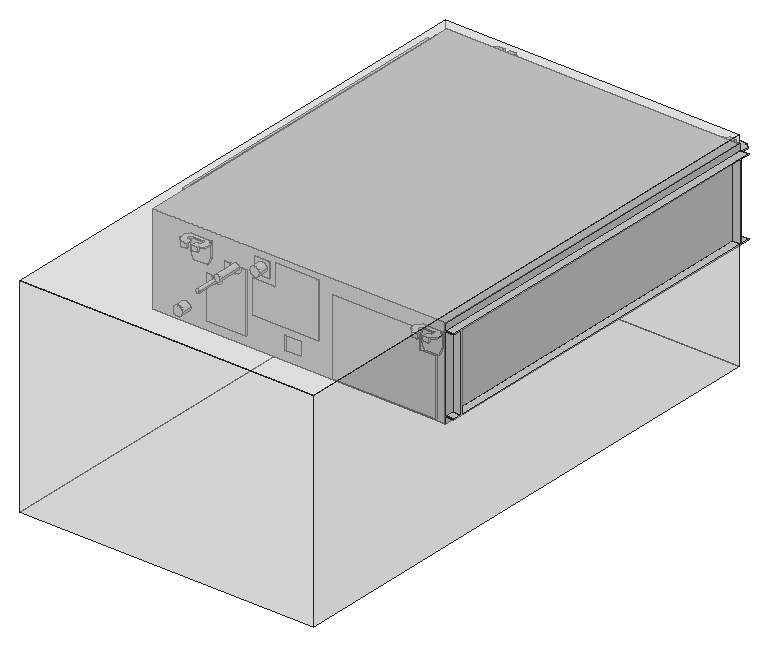
Revit family "outputfile", category 機械設備, Revit 2024
Family settings
  丸型コネクタ寸法 = 半径を使用
  パーツ タイプ = 標準
  OmniClass 番号 = 23.75.10.24.21.27.27
  OmniClass タイトル = Split System Air Conditioning Units
  作業面ベース = いいえ
  常に垂直 = はい
  ロード時にボイドで切り取り = いいえ
  注釈の向きを維持 = いいえ
  共有 = いいえ
  部屋計算ポイント = はい
Parameters (values of type "FBA71BVMA")
  製造元 = "Daikin"
  書き出し IFC クラス(タイプ) = "IfcUnitaryEquipmentType"
  定義済み IFC タイプ(タイプ) = "AIRCONDITIONINGUNIT"
  モデル = "FBA71BVMA"
  switch_frequency = yes
  r_Liquid Pipe Size = Liquid Pipe Size / 2  # 4.75 mm
  r_Gas Pipe Size = Gas Pipe Size / 2  # 7.95 mm
  r_Drain Pipe Size = Drain Pipe Size / 2  # 12.5 mm
  lw_power = 770.0 mm  # constant formula
  lh_SA = 138.0 mm  # constant formula
  lw_SA = if(Width = 550.0 mm, 225.0 mm, if(Width = 700.0 mm, 300.0 mm, if(Width = 1000.0 mm, 450.0 mm, if(Width = 1400.0 mm, 650.0 mm, 725.0 mm))))  # 450.0 mm
  lw_RA = if(Width = 550.0 mm, 275.0 mm, if(Width = 700.0 mm, 349.0 mm, if(Width = 1000.0 mm, 499.0 mm, if(Width = 1400.0 mm, 699.0 mm, 775.0 mm))))  # 499.0 mm
  lh_power = 60.0 mm + [h***]  # 60.0 mm
  lh_mountinghole1 = lh_mountinghole + [h***]  # 222.0 mm
  lh_RA = 123.0 mm  # constant formula
  ld_power = Width / 2  # 500.0 mm
  connector_voltage = Voltage_50Hz  # 230 V
  connector_powerinput = [Power Input (Cooling)]  # 2.150 kW
  connector_phase = Phase_50Hz  # 1
  Voltage_comment_60Hz = "220-230"
  Voltage_comment_50Hz = "220 - 240"
  Voltage_60Hz = 220 V
  Voltage_50Hz = 230 V
  Total Heating Capacity [instance] = 0.000 kW
  Supply Air Direction [instance] = yes
  Sound Power Level_H speed (dB) = 0
  Power Input (Heating) = 0.000 kW
  Phase_60Hz = 1
  Phase_50Hz = 1
  Nominal Heating Capacity = 0.000 kW
  Minimum External Static Pressure = 0.00 Pa
  Minimum Circuit Amps_60Hz = 0.0 A
  Minimum Circuit Amps_50Hz = 0.0 A
  Maximum Fuse Amps_60Hz = 0.0 A
  Maximum Fuse Amps_50Hz = 0.0 A
  Maximum External Static Pressure = 0.00 Pa
  Material_Casing = DAIKIN_GalvanizedSteel_Casing_indoorunit
  lw_mountinghole = 630.0 mm  # constant formula
  lh_gaspipe = 183.0 mm + [h***]  # 183.0 mm
  lh_mountinghole = 222.0 mm  # constant formula
  lh_liquidpipe = 136.0 mm + [h***]  # 136.0 mm
  lh_drainpipe = 207.0 mm + [h***]  # 207.0 mm
  lh_antena = Height - lh_mountinghole + 1.0 mm  # 24.0 mm
  ld_drainpipe = Width / 2 + 26.0 mm  # 526.0 mm
  ld_liquidpipe = Width / 2 + 69.0 mm  # 569.0 mm
  ld_gaspipe = Width / 2 + 65.0 mm  # 565.0 mm
  ld_mountinghole = Width + 38.0 mm  # 1038.0 mm
  h*** = 0.0 mm  # constant formula
  lw_liquidpipe = 179.0 mm  # constant formula
  lw_gaspipe = 229.0 mm  # constant formula
  lw_drainpipe = 300.0 mm  # constant formula
  Width = 1000.0 mm
  Version = "ver.1.0"
  Unit Type = "Duct"
  Unit Mass Weight = 37.00 kg
  Unit Designation [instance] = ""
  Uniclass2015Version = "Products v1.30"
  Uniclass2015Title = "Split coil room air conditioning units"
  Uniclass2015Code = "Pr_70_65_03_86"
  Total Cooling Capacity [instance] = 0.000 kW
  Sound Pressure Level_M speed (dBA) = 35
  Sound Pressure Level_L speed (dBA) = 33
  Sound Pressure Level_H speed (dBA) = 38
  Series = "SkyAir_Fan Coil Unit"
  Sensible Cooling Capacity [instance] = 0.000 kW
  SA Duct Size Width = 792.0 mm
  SA Duct Size Height = 176.0 mm
  Refrigerant Type = "R32"
  RA Duct Size Width = 952.0 mm
  RA Duct Size Height = 208.0 mm
  Power Input (Cooling) = 2.150 kW
  Option Accessory 3 [instance] = ""
  Option Accessory 2 [instance] = ""
  Option Accessory 1 [instance] = ""
  Nominal Cooling Capacity = 7.100 kW
  Minimum Airflow = 960.00 m³/h
  Median Airflow = 1170.00 m³/h
  Maximum Airflow = 1380.00 m³/h
  Load Classification = HVAC
  Liquid Pipe Size = 9.5 mm
  Link_Nested Family [instance] = ""
  IfcVersion = ""
  IfcExportType = "AIRCONDITIONINGUNIT"
  IfcExportAs = "IfcUnitaryEquipmentType"
  Height = 245.0 mm
  Heating Entering Wet Bulb Temperature [instance] = -273.15 °C
  Heating Entering Dry Bulb Temperature [instance] = -273.15 °C
  Heating Ambient Wet Bulb Temperature [instance] = -273.15 °C
  Heating Ambient Dry Bulb Temperature [instance] = -273.15 °C
  Heat Exchanger Type = "Cross Fin Coil"
  Gas Pipe Size = 15.9 mm
  Frequency_60Hz = 60 Hz
  Frequency_50Hz = 50 Hz
  Fan Type = "Sirocco Fan"
  Fan Drive = "-"
  FCU Tag No. [instance] = ""
  Drain Pipe Size = 25.0 mm
  Design Supply Airflow [instance] = 0.00 m³/h
  Design Return Airflow [instance] = 0.00 m³/h
  Design External Static Pressure [instance] = 0.00 Pa
  Depth = 800.0 mm
  既定の高さ = 0.0 mm
  Cooling Entering Wet Bulb Temperature [instance] = 0.00 °C
  Cooling Entering Dry Bulb Temperature [instance] = 0.00 °C
  Cooling Ambient Wet Bulb Temperature [instance] = 0.00 °C
  Cooling Ambient Dry Bulb Temperature [instance] = 0.00 °C
  Clearance visibility [instance] = yes
  Clearance Top = 20.0 mm
  Clearance Right = 0.0 mm
  Clearance Rear = 0.0 mm
  Clearance Left = 0.0 mm
  Clearance Front = 450.0 mm
  Clearance Bottom = 300.0 mm
Reference planes
  plane 1 "Center (Front/Back)": y = 0
  plane 2 "h": z = 0
  plane 3 "Center (Left/Right)": x = 0
  plane 4 "Back": y = 500
  plane 5 "Front": y = -500
  plane 6 "Left": x = -400
  plane 7 "Right": x = 400
  plane 8 "Top": z = 0
  plane 9 "Bottom": z = -245
  plane 10: y = -215
  plane 11: y = 500
  plane 12: y = -950
  plane 13: x = -400
  plane 14: x = 400
  plane 15: z = 20
  plane 16: z = -545
  plane 17: x = -400
  plane 18: x = -399
  plane 19: x = 399
  plane 20: y = 50
  plane 21: y = -1
  plane 22: z = -122
  plane 23: y = -501
  plane 24: z = -109
  plane 25: x = -221
  plane 26: y = -565
  plane 27: z = -62
  plane 28: x = -171
  plane 29: y = -526
  plane 30: z = -38
  plane 31: x = -100
  plane 32: x = -100
  plane 33: x = -221
  plane 34: x = -171
  plane 35: x = 370
  plane 36: x = -266
  plane 37: x = 364
  plane 38: y = -519
  plane 39: y = 519
  plane 40: z = -23
  plane 41: z = -107
  plane 42: y = -569
  plane 43: z = -207
  plane 44: x = -309
  plane 45: y = -376
  plane 46: x = -251
  plane 47: x = -203
  plane 48: x = -144
  plane 49: z = -59
  plane 50: z = -106
  plane 51: z = -221
  plane 52: z = -109
  plane 53: x = -221
  plane 54: z = -62
  plane 55: x = -171
  plane 56: z = -17
  plane 57: z = -59
  plane 58: x = -121
  plane 59: x = -79
  plane 60: x = -125
  plane 61: x = -64
  plane 62: x = 53
  plane 63: z = -164
  plane 64: z = -73
  plane 65: z = -16
  plane 66: x = 93.5
  plane 67: x = 374.5
  plane 68: x = 330
  plane 69: z = -88.5
  plane 70: z = -38
  plane 71: z = -242.5
  plane 72: x = -38.5
  plane 73: x = 6.5
  plane 74: z = -181
  plane 75: z = -221
  plane 76: y = -499
  plane 77: x = -424
  plane 78: x = 424
Forms (mm)
  Extrusion 1, solid, material "DAIKIN_GalvanizedSteel_Casing_indoorunit" <- "Material_Casing"
    sketch origin (0, 0, 0) x (1, 0, 0) y (0, 1, 0)
      loop
        line (-399, 500) -> (-399, -500) -> (399, -500) -> (399, 500) -> (-399, 500)
    from -245 to 0
  Extrusion 2, solid, material "DAIKIN_GalvanizedSteel_Casing_indoorunit" <- "Material_Casing"
    sketch origin (0, 0, 0) x (1, 0, 0) y (0, 0, 1)
      loop
        line (-251, -221) -> (-144, -221) -> (-144, -59) -> (-154.47, -59)
        arc (-154.47, -59) -> (-171, -78.8) -> (-187.53, -59) r 16.8
        line (-187.53, -59) -> (-203, -59) -> (-203, -106) -> (-206.916, -106)
        arc (-206.916, -106) -> (-221, -123.4) -> (-235.084, -106) r 14.4
        line (-235.084, -106) -> (-251, -106) -> (-251, -221)
    from 500 to 501
  Extrusion 3, solid, material "DAIKIN_GalvanizedSteel_Casing_indoorunit" <- "Material_Casing"
    sketch origin (0, 0, 0) x (1, 0, 0) y (0, 0, 1)
      loop
        line (-121, -17) -> (-121, -59) -> (-79, -59) -> (-79, -17) -> (-121, -17)
      loop
        line (-125, -73) -> (-125, -164) -> (53, -164) -> (53, -16) -> (-64, -16) -> (-64, -73) -> (-125, -73)
    from 500 to 501
  Extrusion 4, solid, material "DAIKIN_GalvanizedSteel_Casing_indoorunit" <- "Material_Casing"
    sketch origin (0, 0, 0) x (1, 0, 0) y (0, 0, 1)
      loop
        line (93.5, -38) -> (93.5, -242.5) -> (374.5, -242.5) -> (374.5, -88.5) -> (330, -88.5) -> (330, -38) -> (93.5, -38)
    from 500 to 501
  Extrusion 5, solid, material "DAIKIN_GalvanizedSteel_Casing_indoorunit" <- "Material_Casing"
    sketch origin (0, 0, 0) x (1, 0, 0) y (0, 0, 1)
      loop
        circle (-221, -109) r 4.75
    from 500 to 569
  Extrusion 6, solid, material "DAIKIN_GalvanizedSteel_Casing_indoorunit" <- "Material_Casing"
    sketch origin (0, 0, 0) x (1, 0, 0) y (0, 0, 1)
      loop
        circle (-171, -62) r 7.95
    from 500 to 565
  Extrusion 7, solid, material "DAIKIN_GalvanizedSteel_Casing_indoorunit" <- "Material_Casing"
    sketch origin (0, 0, 0) x (1, 0, 0) y (0, 0, 1)
      loop
        circle (-100, -38) r 12.5
    from 501 to 526
  Extrusion 8, solid, material "DAIKIN_GalvanizedSteel_Casing_indoorunit" <- "Material_Casing"
    sketch origin (0, 0, 0) x (1, 0, 0) y (0, 0, 1)
      loop
        circle (-309, -207) r 13
    from 500 to 526
  Extrusion 9, void
    sketch origin (0, 0, 0) x (1, 0, 0) y (0, 0, 1)
      loop
        line (-38.5, -181) -> (-38.5, -221) -> (6.5, -221) -> (6.5, -181) -> (-38.5, -181)
    from 499 to 500
Cuts and joins
  Extrusion 9 cuts Extrusion 1
Dimensions and locks
  "Height": plane 8 "Top" to plane 9 "Bottom"
  equal spacing: plane 4 "Back", plane 1 "Center (Front/Back)", plane 5 "Front"
  "Width": plane 4 "Back" to plane 5 "Front"
  equal spacing: plane 6 "Left", plane 3 "Center (Left/Right)", plane 7 "Right"
  "Depth": plane 6 "Left" to plane 7 "Right"
  "Clearance Left": plane 13 to plane 6 "Left"
  "Clearance Right": plane 7 "Right" to plane 14
  "Clearance Rear": plane 11 to plane 4 "Back"
  "Clearance Front": plane 5 "Front" to plane 12
  "Clearance Top": plane 15 to plane 8 "Top"
  "Clearance Bottom": plane 9 "Bottom" to plane 16
  locked: plane 17 to plane 18 at 1
  locked: plane 19 to plane 14 at 1
  "lw_SA": plane 11 to plane 20
  "lw_RA": plane 21 to plane 5 "Front"
  "lh_RA": plane 22 to plane 9 "Bottom"
  locked: plane 5 "Front" to plane 23 at 1
  "lw_liquidpipe": plane 25 to plane 6 "Left"
  "lh_liquidpipe": plane 24 to plane 9 "Bottom"
  "lh_gaspipe": plane 27 to plane 9 "Bottom"
  "lw_gaspipe": plane 28 to plane 6 "Left"
  "ld_gaspipe": plane 26 to plane 1 "Center (Front/Back)"
  "ld_drainpipe": plane 29 to plane 1 "Center (Front/Back)"
  "lh_drainpipe": plane 30 to plane 9 "Bottom"
  "lw_drainpipe": plane 31 to plane 6 "Left"
  "lw_drainpipe": plane 6 "Left" to plane 32
  "lw_liquidpipe": plane 6 "Left" to plane 33
  "lw_gaspipe": plane 6 "Left" to plane 34
  "lw_power": plane 6 "Left" to plane 35
  locked: plane 17 to plane 36 at 134
  "lw_mountinghole": plane 36 to plane 37
  equal spacing: plane 38, plane 1 "Center (Front/Back)", plane 39
  "ld_mountinghole": plane 39 to plane 38
  "lh_mountinghole": plane 40 to plane 9 "Bottom"
  "lh_SA": plane 41 to plane 9 "Bottom"
  locked: plane 44 to plane 6 "Left" at 91
  locked: plane 43 to plane 9 "Bottom" at 38
  plane 48 to plane 47 to plane 46 to plane 6 "Left" = 59.0 mm, 48.0 mm, 149.0 mm
  plane 8 "Top" to plane 49 to plane 50 to plane 51 = 59.0 mm locked, 47.0 mm locked, 115.0 mm locked
  plane 55 to plane 53 to plane 6 "Left" = 50.0 mm locked, 179.0 mm locked
  plane 54 to plane 52 to plane 9 "Bottom" = 47.0 mm locked, 136.0 mm locked
  plane 59 to plane 58 to plane 6 "Left" = 42.0 mm locked, 279.0 mm locked
  plane 8 "Top" to plane 56 to plane 57 = 17.0 mm locked, 42.0 mm locked
  plane 62 to plane 61 to plane 60 to plane 6 "Left" = 117.0 mm, 61.0 mm, 275.0 mm
  plane 8 "Top" to plane 65 to plane 64 = 16.0 mm locked, 57.0 mm locked
  locked: plane 65 to plane 63 at 148
  plane 8 "Top" to plane 70 to plane 69 to plane 71 = 38.0 mm locked, 50.5 mm locked, 154.0 mm locked
  plane 67 to plane 68 to plane 66 to plane 6 "Left" = 44.5 mm locked, 236.5 mm locked, 493.5 mm locked
  plane 8 "Top" to plane 74 to plane 75 = 181.0 mm locked, 40.0 mm locked
  plane 73 to plane 72 to plane 6 "Left" = 45.0 mm, 361.5 mm
  locked: plane 76 to plane 5 "Front" at 1
  locked: plane 77 to plane 17 at 24
  locked: plane 14 to plane 78 at 24
  "ld_liquidpipe": plane 42 to plane 1 "Center (Front/Back)"
  "r_Liquid Pipe Size": radius of Extrusion 5 sketch curve
  "r_Gas Pipe Size": radius of Extrusion 6 sketch curve
  "r_Drain Pipe Size": radius of Extrusion 7 sketch curve
  aligned and locked: level to plane 2 "h"
  aligned and locked: plane 8 "Top" to Extrusion 1
  aligned and locked: Extrusion 1 to plane 9 "Bottom"
  aligned and locked: nested 5 to plane 12
  aligned and locked: plane 13 to nested 5
  aligned and locked: plane 14 to nested 5
  aligned and locked: nested 5 to plane 13
  aligned and locked: plane 11 to nested 5
  aligned and locked: plane 15 to nested 5
  aligned and locked: plane 16 to nested 5
  aligned and locked: plane 5 "Front" to Extrusion 1 sketch curve
  aligned and locked: Extrusion 1 to plane 18
  aligned and locked: plane 19 to Extrusion 1
  aligned and locked: nested 7 to plane 18
  aligned and locked: nested 7 to plane 20
  aligned and locked: plane 19 to nested 8
  aligned and locked: plane 21 to nested 8
  aligned and locked: plane 22 to nested 8
  aligned and locked: Extrusion 2 to plane 23
  aligned and locked: plane 5 "Front" to Extrusion 2
  aligned and locked: Extrusion 3 to plane 23
  aligned and locked: plane 5 "Front" to Extrusion 3
  aligned and locked: plane 5 "Front" to Extrusion 4
  aligned and locked: Extrusion 5 sketch curve to plane 25
  aligned and locked: plane 24 to Extrusion 5 sketch curve
  aligned and locked: plane 5 "Front" to Extrusion 5
  aligned and locked: Extrusion 6 sketch curve to plane 28
  aligned and locked: plane 27 to Extrusion 6 sketch curve
  aligned and locked: plane 5 "Front" to Extrusion 6
  aligned and locked: Extrusion 7 sketch curve to plane 31
  aligned and locked: Extrusion 7 sketch curve to plane 30
  aligned and locked: Extrusion 7 to plane 29
  aligned and locked: plane 23 to Extrusion 7
  aligned and locked: nested 3 to plane 29
  aligned and locked: plane 32 to nested 3
  aligned and locked: nested 2 to plane 33
  aligned and locked: nested 1 to plane 34
  aligned and locked: Extrusion 6 to plane 26
  aligned and locked: nested 1 to plane 26
  aligned and locked: nested 6 to plane 5 "Front"
  aligned and locked: nested 6 to plane 35
  aligned and locked: plane 36 to nested 10
  aligned and locked: nested 10 to plane 5 "Front"
  aligned and locked: plane 37 to nested 9
  aligned and locked: nested 9 to plane 5 "Front"
  aligned and locked: nested 11 to plane 36
  aligned and locked: plane 4 "Back" to nested 11
  aligned and locked: nested 12 to plane 37
  aligned and locked: plane 4 "Back" to nested 12
  aligned and locked: plane 40 to nested 10
  aligned and locked: plane 40 to nested 11
  aligned and locked: plane 40 to nested 9
  aligned and locked: plane 40 to nested 12
  aligned and locked: plane 36 to nested 14
  aligned and locked: nested 14 to plane 39
  aligned and locked: plane 37 to nested 13
  aligned and locked: nested 13 to plane 39
  aligned and locked: plane 37 to nested 16
  aligned and locked: plane 38 to nested 16
  aligned and locked: plane 38 to nested 15
  aligned and locked: plane 36 to nested 15
  aligned and locked: plane 17 to plane 6 "Left"
  aligned and locked: plane 41 to nested 7
  aligned and locked: Extrusion 5 to plane 42
  aligned and locked: nested 2 to plane 42
  aligned and locked: Extrusion 8 sketch curve to plane 44
  aligned and locked: plane 43 to Extrusion 8 sketch curve
  aligned and locked: plane 5 "Front" to Extrusion 8
  aligned and locked: Extrusion 3 sketch curve to plane 56
  aligned and locked: Extrusion 3 sketch curve to plane 58
  aligned and locked: plane 57 to Extrusion 3 sketch curve
  aligned and locked: plane 59 to Extrusion 3 sketch curve
  aligned and locked: Extrusion 4 to plane 23
  aligned and locked: Extrusion 9 sketch curve to plane 74
  aligned and locked: plane 75 to Extrusion 9 sketch curve
  aligned and locked: plane 73 to Extrusion 9 sketch curve
  aligned and locked: plane 5 "Front" to Extrusion 9
  aligned and locked: plane 76 to Extrusion 9
  aligned and locked: nested 17 to plane 20
  aligned and locked: nested 17 to plane 77
  aligned and locked: plane 21 to nested 18
  aligned and locked: plane 78 to nested 18
  aligned and locked: plane 41 to nested 17
  aligned and locked: nested 18 to plane 22
  aligned and locked: nested 4 to plane 3 "Center (Left/Right)"
  aligned and locked: plane 1 "Center (Front/Back)" to nested 4
  aligned and locked: level to plane 8 "Top"
Automatic sketch dimensions
  plane 6 "Left" to Extrusion 1 sketch curve = 1.0 mm
  Extrusion 1 sketch curve to plane 7 "Right" = 1.0 mm
  Extrusion 1 sketch curve to plane 4 "Back" = 0.0 mm
  Extrusion 2 sketch curve to plane 46 = 0.0 mm
  Extrusion 2 sketch curve to plane 33 = 0.0 mm
  Extrusion 2 sketch curve to plane 47 = 0.0 mm
  Extrusion 2 sketch curve to plane 34 = 0.0 mm
  Extrusion 2 sketch curve to plane 48 = 0.0 mm
  Extrusion 2 sketch curve to plane 51 = 0.0 mm
  Extrusion 2 sketch curve to plane 52 = 0.0 mm
  Extrusion 2 sketch curve to plane 50 = 0.0 mm  (x3)
  Extrusion 2 sketch curve to plane 54 = 0.0 mm
  Extrusion 2 sketch curve to plane 49 = 0.0 mm  (x3)
  plane 33 to Extrusion 2 sketch curve = 14.084 mm
  plane 34 to Extrusion 2 sketch curve = 16.53 mm
  Extrusion 3 sketch curve to plane 60 = 0.0 mm
  Extrusion 3 sketch curve to plane 61 = 0.0 mm
  Extrusion 3 sketch curve to plane 62 = 0.0 mm
  Extrusion 3 sketch curve to plane 63 = 0.0 mm
  Extrusion 3 sketch curve to plane 64 = 0.0 mm
  Extrusion 3 sketch curve to plane 65 = 0.0 mm
  Extrusion 4 sketch curve to plane 66 = 0.0 mm
  Extrusion 4 sketch curve to plane 68 = 0.0 mm
  Extrusion 4 sketch curve to plane 67 = 0.0 mm
  Extrusion 4 sketch curve to plane 71 = 0.0 mm
  Extrusion 4 sketch curve to plane 69 = 0.0 mm
  Extrusion 4 sketch curve to plane 70 = 0.0 mm
  Extrusion 9 sketch curve to plane 72 = 0.0 mm
  radius of Extrusion 8 sketch curve = 13.0 mm
Nested families
  nested 1: "daikin_connector_rotate2" at (-171, 0, -62), length <- "ld_gaspipe", built-in parameter 1001364 <- "lh_gaspipe", radius <- "r_Gas Pipe Size", type "daikin_connector_rotate2"
    with radius 7.95 mm, length 565.0 mm, angle_vertical 90.00°
  nested 2: "daikin_connector_rotate2" at (-221, 0, -109), length <- "ld_liquidpipe", built-in parameter 1001364 <- "lh_liquidpipe", radius <- "r_Liquid Pipe Size", type "daikin_connector_rotate2"
    with radius 4.75 mm, length 569.0 mm, angle_vertical 90.00°
  nested 3: "daikin_connector_rotate2" at (-100, 0, -38), length <- "ld_drainpipe", built-in parameter 1001364 <- "lh_drainpipe", radius <- "r_Drain Pipe Size", type "daikin_connector_rotate2"
    with radius 12.5 mm, length 526.0 mm, angle_vertical 90.00°
  nested 4: "daikin_△_symbolicline" at (0, 0, 245) x (0, -1, 0) z (0, 0, 1), built-in parameter 1001364 <- "Height", visible <- "Supply Air Direction", type "daikin_△_symbolicline"
    with length 200.0 mm
  nested 5: "daikin_clearancespace" at (0, -225, -262.381), visible <- "Clearance visibility", show <- "Clearance visibility", Link_Nested Family <- "Link_Nested Family", type "daikin_clearancespace"
    with width 800.0 mm, show yes, height 565.0 mm, depth 1450.0 mm, Link_Nested Family ""
  nested 6: "daikin_connector_rotate2" at (370, 0, -185), built-in parameter 1001364 <- "lh_power", length <- "ld_power", type "daikin_connector_rotate2"
    with radius 10.0 mm, length 500.0 mm, angle_vertical 90.00°
  nested 7: "daikin_ductflange_FBA-BVMA2" at (-399, 50, -107) x (0, -1, 0) z (0, 0, 1), type "daikin_ductflange_FBA-BVMA2"
    with width 792.0 mm, w 1000.0 mm
  nested 8: "daikin_ductflange_FBA-BVMA" at (399, -1, -122) x (0, 1, 0) z (0, 0, 1), type "daikin_ductflange_FBA-BVMA"
    with width 952.0 mm, lw 25.0 mm, w 1000.0 mm
  nested 9: "daikin_hangerfixture_FBA-BVMA" at (364, -500, -23), type "daikin_hangerfixture_FBA-BVMA"
  nested 10: "daikin_hangerfixture_FBA-BVMA" at (-266, -500, -23), type "daikin_hangerfixture_FBA-BVMA"
  nested 11: "daikin_hangerfixture_FBA-BVMA" at (-266, 500, -23) x (-1, 0, 0) z (0, 0, 1), type "daikin_hangerfixture_FBA-BVMA"
  nested 12: "daikin_hangerfixture_FBA-BVMA" at (364, 500, -23) x (-1, 0, 0) z (0, 0, 1), type "daikin_hangerfixture_FBA-BVMA"
  nested 13: "daikin_mountinghole" at (364, 519, -245), h_mountinghole <- "lh_mountinghole1", l_antenna <- "lh_antena", Link_Nested Family <- "Link_Nested Family", type "daikin_mountinghole"
    with show yes, l_antenna 24.0 mm, h_mountinghole 222.0 mm, Link_Nested Family ""
  nested 14: "daikin_mountinghole" at (-266, 519, -245), h_mountinghole <- "lh_mountinghole1", l_antenna <- "lh_antena", Link_Nested Family <- "Link_Nested Family", type "daikin_mountinghole"
    with show yes, l_antenna 24.0 mm, h_mountinghole 222.0 mm, Link_Nested Family ""
  nested 15: "daikin_mountinghole" at (-266, -519, -245), h_mountinghole <- "lh_mountinghole1", l_antenna <- "lh_antena", Link_Nested Family <- "Link_Nested Family", type "daikin_mountinghole"
    with show yes, l_antenna 24.0 mm, h_mountinghole 222.0 mm, Link_Nested Family ""
  nested 16: "daikin_mountinghole" at (364, -519, -245), h_mountinghole <- "lh_mountinghole1", l_antenna <- "lh_antena", Link_Nested Family <- "Link_Nested Family", type "daikin_mountinghole"
    with show yes, l_antenna 24.0 mm, h_mountinghole 222.0 mm, Link_Nested Family ""
  nested 17: "daikin_connector_rotate2" at (-400, 50, -107) x (0, -1, 0) z (0, 0, 1), type "daikin_connector_rotate2"
    with radius 10.0 mm, length 24.0 mm, angle_vertical 90.00°
  nested 18: "daikin_connector_rotate2" at (400, -1, -122) x (0, 1, 0) z (0, 0, 1), type "daikin_connector_rotate2"
    with radius 10.0 mm, length 24.0 mm, angle_vertical 90.00°
Connectors
  piping at (-100, -526, -38), diameter 25, driven by "r_Drain Pipe Size"
    settings: on nested 3, index 3, connector inside diameter 609.6 mm, connector length 0.0 mm, flow factor 0, pipe flow 0.00 m³/h, pressure drop 0.0 Pa, fitting loss kfactor 0, connector angle 0.00°, fixture units 0, engagement length 0.0 mm, angle of deflection 0.00°, flow configuration 1, flow direction 2, fitting loss method 4, system type 16, joint type 0, gender type 0, connector reference index -1, connector utility 0, adjustable connector no, is connector primary yes, connector description "Condensate Drain Piping"
  piping at (-171, -565, -62), diameter 15.9, driven by "r_Gas Pipe Size"
    settings: on nested 1, index 4, connector inside diameter 609.6 mm, connector length 0.0 mm, flow factor 0, pipe flow 0.00 m³/h, pressure drop 0.0 Pa, fitting loss kfactor 0, connector angle 0.00°, fixture units 0, engagement length 0.0 mm, angle of deflection 0.00°, flow configuration 1, flow direction 2, fitting loss method 0, system type 29, joint type 0, gender type 0, connector reference index -1, connector utility 0, adjustable connector no, is connector primary no, connector description "Refrigerant Gas Piping"
  piping at (-221, -569, -109), diameter 9.5, driven by "r_Liquid Pipe Size"
    settings: on nested 2, index 5, connector inside diameter 609.6 mm, connector length 0.0 mm, flow factor 0, pipe flow 0.00 m³/h, pressure drop 0.0 Pa, fitting loss kfactor 0, connector angle 0.00°, fixture units 0, engagement length 0.0 mm, angle of deflection 0.00°, flow configuration 1, flow direction 1, fitting loss method 0, system type 29, joint type 0, gender type 0, connector reference index -1, connector utility 0, adjustable connector no, is connector primary no, connector description "Refrigerant Liquid Piping"
  electrical at (370, -500, -185), driven by "Load Classification", driven by "connector_voltage", driven by "connector_phase", driven by "connector_powerinput"
    settings: on nested 6, index 6, voltage 230 V, apparent load 2150 VA, apparent load phase1 0 VA, apparent load phase2 0 VA, apparent load phase3 0 VA, power factor 1, load classification "HVAC", number of poles 1, system type 30, power factor state 1, is connector primary yes, connector utility no, sub classification motor no, connector description "Power Supply"
  hvac at (-424, 50, -107), driven by "SA Duct Size Height", driven by "SA Duct Size Width"
    settings: on nested 17, index 7, duct flow 0.00 m³/h, flow factor 0, pres drop 0.00 Pa, loss coef 0, conn angle 0.00°, conn width 792.0 mm, conn height 176.0 mm, conn diameter 609.6 mm, duct sys type 1, conn prof type 1, flow config 0, flow direction 2, loss method 4, conn ref index -1, conn util no, is conn primary yes, conn desc "SA Duct"
  hvac at (424, -1, -122), driven by "RA Duct Size Height", driven by "RA Duct Size Width"
    settings: on nested 18, index 8, duct flow 0.00 m³/h, flow factor 0, pres drop 0.00 Pa, loss coef 0, conn angle 0.00°, conn width 952.0 mm, conn height 208.0 mm, conn diameter 609.6 mm, duct sys type 2, conn prof type 1, flow config 0, flow direction 1, loss method 4, conn ref index -1, conn util no, is conn primary no, conn desc "RA Duct"
Definition of nested family "daikin_clearancespace"
  Parameters (values of type "daikin_clearancespace")
    Description = "daikin_clearancespace"
    width [instance] = 1823.963 mm
    show [instance] = yes
    material = none
    height [instance] = 1359.762 mm
    depth [instance] = 880.0 mm
    Default Elevation = 0.0 mm
    Link_Nested Family [instance] = ""
  Reference planes
    plane 1 "Center (Front/Back)": y = 0
    plane 2 "Center (Elevation)": z = -0.119
    plane 3 "Center (Left/Right)": x = 0
    plane 4: y = 440
    plane 5: y = -440
    plane 6 "Right": x = 911.982
    plane 7 "Left": x = -911.982
    plane 8 "Top": z = 679.762
    plane 9 "Bottom": z = -680
  Forms (mm)
    Extrusion 1, solid, material <- "material", visible <- "show"
      sketch origin (0, 0, 0) x (1, 0, 0) y (0, 1, 0)
        loop
          line (-911.982, 440) -> (-911.982, -440) -> (911.982, -440) -> (911.982, 440) -> (-911.982, 440)
      from -680 to 679.762
  Lines and regions (mm)
    symbolic lines, visible <- "show"
      curve 1: line (911.982, 440, 0) -> (-911.982, 440, 0)
      curve 2: line (-911.982, 440, 0) -> (-911.982, -440, 0)
      curve 3: line (-911.982, -440, 0) -> (911.982, -440, 0)
      curve 4: line (911.982, -440, 0) -> (911.982, 440, 0)
      curve 5: line (911.982, 0, 679.762) -> (-911.982, 0, 679.762)
      curve 6: line (911.982, 0, -680) -> (911.982, 0, 679.762)
      curve 7: line (-911.982, 0, -680) -> (911.982, 0, -680)
      curve 8: line (-911.982, 0, 679.762) -> (-911.982, 0, -680)
      curve 9: line (0, 440, 679.762) -> (0, -440, 679.762)
      curve 10: line (0, -440, 679.762) -> (0, -440, -680)
      curve 11: line (0, 440, -680) -> (0, 440, 679.762)
      curve 12: line (0, -440, -680) -> (0, 440, -680)
  Dimensions and locks
    "width": plane 7 "Left" to plane 6 "Right"
    "depth": plane 4 to plane 5
    "height": plane 8 "Top" to plane 9 "Bottom"
    equal spacing: plane 7 "Left", plane 3 "Center (Left/Right)", plane 6 "Right"
    equal spacing: plane 4, plane 1 "Center (Front/Back)", plane 5
    equal spacing: plane 8 "Top", plane 2 "Center (Elevation)", plane 9 "Bottom"
    aligned and locked: level to plane 2 "Center (Elevation)"
    aligned and locked: Extrusion 1 sketch curve to plane 4
    aligned and locked: plane 7 "Left" to Extrusion 1 sketch curve
    aligned and locked: Extrusion 1 sketch curve to plane 5
    aligned and locked: Extrusion 1 sketch curve to plane 6 "Right"
    aligned and locked: plane 8 "Top" to Extrusion 1
    aligned and locked: curve 1 to Extrusion 1
    aligned and locked: curve 2 to Extrusion 1
    aligned and locked: curve 3 to Extrusion 1
    aligned and locked: curve 4 to Extrusion 1
    aligned and locked: curve 5 to Extrusion 1
    aligned and locked: curve 6 to Extrusion 1
    aligned and locked: curve 7 to Extrusion 1
    aligned and locked: curve 8 to Extrusion 1
    aligned and locked: curve 9 to Extrusion 1
    aligned and locked: curve 10 to Extrusion 1
    aligned and locked: curve 11 to Extrusion 1
    aligned and locked: curve 12 to Extrusion 1
    aligned and locked: Extrusion 1 to plane 9 "Bottom"
Definition of nested family "daikin_ductflange_FBA-BVMA2"
  Parameters (values of type "daikin_ductflange_FBFC-DVMG2")
    width = if(w = 550.0 mm, 337.0 mm, if(w = 700.0 mm, 492.0 mm, if(w = 1000.0 mm, 792.0 mm, if(w = 1400.0 mm, 1192.0 mm, 1337.0 mm))))  # 1192.0 mm
    material = none
    height = 215.0 mm
    depth = 1.0 mm
    w = 1400.0 mm
    Default Elevation = 0.0 mm
  Reference planes
    plane 1 "Center (Front/Back)": y = 0
    plane 2: z = 0
    plane 3 "Center (Left/Right)": x = 0
    plane 4: z = 88
    plane 5: z = -88
    plane 6: y = -25
    plane 7: z = 106
    plane 8: z = 89
    plane 9: y = -1
    plane 10: x = -617.5
    plane 11: x = 617.5
    plane 12: z = -106
    plane 13: z = -89
    plane 14: y = -1
    plane 15: x = 596
    plane 16: x = -596
    plane 17: x = 597
    plane 18: z = 87
    plane 19: z = -87
    plane 20: x = -597
    plane 21: z = 87
    plane 22: z = -87
    plane 23: y = -1
  Forms (mm)
    Extrusion 1, solid, material <- "material"
      sketch origin (0, 0, 0) x (0, 1, 0) y (0, 0, 1)
        loop
          line (-25, 88) -> (0, 88) -> (0, 106) -> (-1, 106) -> (-1, 89) -> (-25, 89) -> (-25, 88)
      from -617.5 to 617.5
    Extrusion 2, solid, material <- "material"
      sketch origin (0, 0, 0) x (0, 1, 0) y (0, 0, 1)
        loop
          line (-25, -88) -> (-25, -89) -> (-1, -89) -> (-1, -106) -> (0, -106) -> (0, -88) -> (-25, -88)
      from -617.5 to 617.5
    Extrusion 3, solid, material <- "material"
      sketch origin (0, 0, 0) x (1, 0, 0) y (0, 0, 1)
        loop
          line (596, 88) -> (596, -88) -> (617.5, -88) -> (617.5, -87) -> (597, -87) -> (597, 87) -> (617.5, 87) -> (617.5, 88) -> (596, 88)
      from 0 to 25
    Extrusion 4, solid, material <- "material"
      sketch origin (0, 0, 0) x (1, 0, 0) y (0, 0, 1)
        loop
          line (-617.5, 88) -> (-617.5, 87) -> (-597, 87) -> (-597, -87) -> (-617.5, -87) -> (-617.5, -88) -> (-596, -88) -> (-596, 88) -> (-617.5, 88)
      from 0 to 25
    Extrusion 5, solid, material <- "material"
      sketch origin (0, 0, 0) x (1, 0, 0) y (0, 0, 1)
        loop
          line (-617.5, 88) -> (-617.5, -88) -> (-596, -88) -> (-596, 88) -> (-617.5, 88)
        loop
          line (617.5, 88) -> (596, 88) -> (596, -88) -> (617.5, -88) -> (617.5, 88)
      from 0 to 1
  Cuts and joins
    joined: Extrusion 1, Extrusion 2, Extrusion 3, Extrusion 4, Extrusion 5
  Dimensions and locks
    plane 4 to level to plane 5 = 88.0 mm, 88.0 mm
    locked: plane 6 to plane 1 "Center (Front/Back)" at 25
    locked: plane 9 to plane 1 "Center (Front/Back)" at 1
    locked: plane 8 to plane 4 at 1
    locked: plane 16 to plane 10 at 21.5
    locked: plane 17 to plane 15 at 1
    locked: plane 4 to plane 18 at 1
    locked: plane 19 to plane 5 at 1
    "width": plane 15 to plane 16
    plane 4 to plane 5 = 176.0 mm
    locked: plane 16 to plane 20 at 1
    locked: plane 4 to plane 21 at 1
    locked: plane 22 to plane 5 at 1
    locked: plane 23 to plane 1 "Center (Front/Back)" at 1
    plane 4 to level to plane 5 = 88.0 mm locked, 88.0 mm locked
    locked: plane 5 to plane 13 at 1
    locked: plane 5 to plane 12 at 18
    locked: plane 7 to plane 4 at 18
    equal spacing: plane 15, plane 3 "Center (Left/Right)", plane 16
    locked: plane 11 to plane 15 at 21.5
    plane 11 to plane 10 = 1235.0 mm
    aligned and locked: level to plane 2
    aligned and locked: Extrusion 1 to plane 10
    aligned and locked: plane 11 to Extrusion 1
    aligned and locked: plane 5 to Extrusion 2
    aligned and locked: Extrusion 2 to plane 1 "Center (Front/Back)"
    aligned and locked: plane 15 to Extrusion 3 sketch curve
    aligned and locked: Extrusion 3 sketch curve to Extrusion 2  (x2)
    aligned and locked: Extrusion 3 sketch curve to plane 11
    aligned and locked: plane 6 to Extrusion 3
    aligned and locked: Extrusion 2 to plane 10
    aligned and locked: plane 11 to Extrusion 2
    aligned and locked: Extrusion 4 sketch curve to Extrusion 1  (x2)
    aligned and locked: plane 5 to Extrusion 4 sketch curve
    aligned and locked: Extrusion 4 sketch curve to plane 16
    aligned and locked: Extrusion 4 sketch curve to plane 22
    aligned and locked: plane 20 to Extrusion 4 sketch curve
    aligned and locked: plane 21 to Extrusion 4 sketch curve
    aligned and locked: Extrusion 4 to plane 1 "Center (Front/Back)"
    aligned and locked: plane 6 to Extrusion 4
    aligned and locked: Extrusion 5 sketch curve to Extrusion 1  (x4)
    aligned and locked: Extrusion 5 sketch curve to Extrusion 4  (x2)
    aligned and locked: Extrusion 5 sketch curve to Extrusion 3  (x2)
    aligned and locked: Extrusion 5 to plane 1 "Center (Front/Back)"
    aligned and locked: plane 23 to Extrusion 5
  Automatic sketch dimensions
    Extrusion 1 sketch curve to plane 6 = 0.0 mm
    Extrusion 1 sketch curve to plane 7 = 0.0 mm
    Extrusion 1 sketch curve to plane 9 = 0.0 mm
    Extrusion 1 sketch curve to plane 1 "Center (Front/Back)" = 0.0 mm
    Extrusion 1 sketch curve to plane 4 = 0.0 mm
    Extrusion 1 sketch curve to plane 8 = 0.0 mm
    Extrusion 2 sketch curve to plane 6 = 0.0 mm
    plane 12 to Extrusion 2 sketch curve = 0.0 mm
    Extrusion 2 sketch curve to plane 14 = 0.0 mm
    Extrusion 2 sketch curve to plane 1 "Center (Front/Back)" = 0.0 mm
    plane 13 to Extrusion 2 sketch curve = 0.0 mm
    Extrusion 2 sketch curve to plane 5 = 0.0 mm
    Extrusion 3 sketch curve to plane 17 = 0.0 mm
    Extrusion 3 sketch curve to plane 19 = 0.0 mm
    Extrusion 3 sketch curve to plane 18 = 0.0 mm
    Extrusion 3 sketch curve to plane 4 = 0.0 mm
    Extrusion 4 sketch curve to plane 10 = 0.0 mm
Definition of nested family "daikin_ductflange_FBA-BVMA"
  Parameters (values of type "daikin_ductflange_FBFC-DVMG")
    width = if(w = 550.0 mm, 502.0 mm, if(w = 700.0 mm, 654.0 mm, if(w = 1000.0 mm, 952.0 mm, if(w = 1400.0 mm, 1352.0 mm, 1502.0 mm))))  # 654.0 mm
    material = none
    lw = if(width = 654.0 mm, 23.0 mm, 25.0 mm)  # 23.0 mm
    height = 208.0 mm
    depth = 1.0 mm
    w = 700.0 mm
    Default Elevation = 0.0 mm
  Reference planes
    plane 1 "Center (Front/Back)": y = 0
    plane 2: z = 0
    plane 3 "Center (Left/Right)": x = 0
    plane 4: z = 104
    plane 5: z = -104
    plane 6: y = -25
    plane 7: z = 121
    plane 8: z = 105
    plane 9: y = -1
    plane 10: x = -350
    plane 11: x = 350
    plane 12: z = -122
    plane 13: z = -105
    plane 14: y = -1
    plane 15: x = 327
    plane 16: x = -327
    plane 17: x = 328
    plane 18: z = 103
    plane 19: z = -103
    plane 20: x = -328
    plane 21: z = 103
    plane 22: z = -103
    plane 23: y = -1
  Forms (mm)
    Extrusion 1, solid, material <- "material"
      sketch origin (0, 0, 0) x (0, 1, 0) y (0, 0, 1)
        loop
          line (-25, 104) -> (0, 104) -> (0, 121) -> (-1, 121) -> (-1, 105) -> (-25, 105) -> (-25, 104)
      from -350 to 350
    Extrusion 2, solid, material <- "material"
      sketch origin (0, 0, 0) x (0, 1, 0) y (0, 0, 1)
        loop
          line (-25, -104) -> (-25, -105) -> (-1, -105) -> (-1, -122) -> (0, -122) -> (0, -104) -> (-25, -104)
      from -350 to 350
    Extrusion 3, solid, material <- "material"
      sketch origin (0, 0, 0) x (1, 0, 0) y (0, 0, 1)
        loop
          line (327, 104) -> (327, -104) -> (350, -104) -> (350, -103) -> (328, -103) -> (328, 103) -> (350, 103) -> (350, 104) -> (327, 104)
      from 0 to 25
    Extrusion 4, solid, material <- "material"
      sketch origin (0, 0, 0) x (1, 0, 0) y (0, 0, 1)
        loop
          line (-350, 104) -> (-350, 103) -> (-328, 103) -> (-328, -103) -> (-350, -103) -> (-350, -104) -> (-327, -104) -> (-327, 104) -> (-350, 104)
      from 0 to 25
    Extrusion 5, solid, material <- "material"
      sketch origin (0, 0, 0) x (1, 0, 0) y (0, 0, 1)
        loop
          line (-350, 104) -> (-350, -104) -> (-327, -104) -> (-327, 104) -> (-350, 104)
        loop
          line (350, 104) -> (327, 104) -> (327, -104) -> (350, -104) -> (350, 104)
      from 0 to 1
  Cuts and joins
    joined: Extrusion 1, Extrusion 2, Extrusion 3, Extrusion 4, Extrusion 5
  Dimensions and locks
    plane 4 to level to plane 5 = 104.0 mm, 104.0 mm
    locked: plane 6 to plane 1 "Center (Front/Back)" at 25
    locked: plane 9 to plane 1 "Center (Front/Back)" at 1
    locked: plane 8 to plane 4 at 1
    "lw": plane 11 to plane 15
    "lw": plane 16 to plane 10
    locked: plane 17 to plane 15 at 1
    locked: plane 4 to plane 18 at 1
    locked: plane 19 to plane 5 at 1
    "width": plane 15 to plane 16
    equal spacing: plane 15, plane 3 "Center (Left/Right)", plane 16
    locked: plane 16 to plane 20 at 1
    locked: plane 4 to plane 21 at 1
    locked: plane 22 to plane 5 at 1
    locked: plane 23 to plane 1 "Center (Front/Back)" at 1
    locked: plane 7 to plane 4 at 17
    locked: plane 1 "Center (Front/Back)" to plane 14 at 1
    locked: plane 5 to plane 13 at 1
    "height": plane 4 to plane 5
    plane 11 to plane 10 = 700.0 mm
    locked: plane 12 to plane 13 at 17
    equal spacing: plane 4, level, plane 5
    aligned and locked: level to plane 2
    aligned and locked: Extrusion 1 to plane 10
    aligned and locked: plane 11 to Extrusion 1
    aligned and locked: plane 5 to Extrusion 2
    aligned and locked: Extrusion 2 to plane 1 "Center (Front/Back)"
    aligned and locked: plane 15 to Extrusion 3 sketch curve
    aligned and locked: Extrusion 3 sketch curve to Extrusion 2  (x2)
    aligned and locked: Extrusion 3 sketch curve to plane 11
    aligned and locked: plane 6 to Extrusion 3
    aligned and locked: Extrusion 2 to plane 10
    aligned and locked: plane 11 to Extrusion 2
    aligned and locked: Extrusion 4 sketch curve to Extrusion 1  (x2)
    aligned and locked: plane 5 to Extrusion 4 sketch curve
    aligned and locked: Extrusion 4 sketch curve to plane 16
    aligned and locked: Extrusion 4 sketch curve to plane 22
    aligned and locked: plane 20 to Extrusion 4 sketch curve
    aligned and locked: plane 21 to Extrusion 4 sketch curve
    aligned and locked: Extrusion 4 to plane 1 "Center (Front/Back)"
    aligned and locked: plane 6 to Extrusion 4
    aligned and locked: Extrusion 5 sketch curve to Extrusion 1  (x4)
    aligned and locked: Extrusion 5 sketch curve to Extrusion 4  (x2)
    aligned and locked: Extrusion 5 sketch curve to Extrusion 3  (x2)
    aligned and locked: Extrusion 5 to plane 1 "Center (Front/Back)"
    aligned and locked: plane 23 to Extrusion 5
  Automatic sketch dimensions
    Extrusion 1 sketch curve to plane 6 = 0.0 mm
    Extrusion 1 sketch curve to plane 7 = 0.0 mm
    Extrusion 1 sketch curve to plane 9 = 0.0 mm
    Extrusion 1 sketch curve to plane 1 "Center (Front/Back)" = 0.0 mm
    Extrusion 1 sketch curve to plane 4 = 0.0 mm
    Extrusion 1 sketch curve to plane 8 = 0.0 mm
    Extrusion 2 sketch curve to plane 6 = 0.0 mm
    plane 12 to Extrusion 2 sketch curve = 0.0 mm
    Extrusion 2 sketch curve to plane 14 = 0.0 mm
    Extrusion 2 sketch curve to plane 1 "Center (Front/Back)" = 0.0 mm
    plane 13 to Extrusion 2 sketch curve = 0.0 mm
    Extrusion 2 sketch curve to plane 5 = 0.0 mm
    Extrusion 3 sketch curve to plane 17 = 0.0 mm
    Extrusion 3 sketch curve to plane 19 = 0.0 mm
    Extrusion 3 sketch curve to plane 18 = 0.0 mm
    Extrusion 3 sketch curve to plane 4 = 0.0 mm
    Extrusion 4 sketch curve to plane 10 = 0.0 mm
Definition of nested family "daikin_hangerfixture_FBA-BVMA"
  Parameters (values of type "daikin_hangerfixture_FXMQ-PAVE")
    width = 72.0 mm
    material = none
    height = 60.0 mm
    depth = 41.0 mm
    Default Elevation = 0.0 mm
  Reference planes
    plane 1 "Center (Front/Back)": y = 0
    plane 2: z = 0
    plane 3 "Center (Left/Right)": x = 0
    plane 4: y = 417.146
    plane 5: y = -41
    plane 6: x = -36
    plane 7: x = 36
    plane 8: z = -2.3
    plane 9: z = -60
    plane 10: y = -2.3
    plane 11: z = -12
    plane 12: y = -38.7
  Forms (mm)
    Extrusion 1, solid, material <- "material"
      sketch origin (0, 0, 0) x (1, 0, 0) y (0, 1, 0)
        loop
          line (-28, 0) -> (-28, -5)
          arc (-28, -5) -> (-29.127, -8.162) -> (-32, -9.899) r 5
          arc (-32, -9.899) -> (-34.873, -11.636) -> (-36, -14.798) r 5
          line (-36, -14.798) -> (-36, -27.178)
          arc (-36, -27.178) -> (-35.429, -29.499) -> (-33.846, -31.289) r 5
          line (-33.846, -31.289) -> (-23, -38.798) -> (-23, -41.098) -> (-6.5, -41.098) -> (-6.5, -28.498)
          arc (-6.5, -28.498) -> (-7.379, -26.377) -> (-9.5, -25.498) r 3
          line (-9.5, -25.498) -> (-13.5, -25.498)
          arc (-13.5, -25.498) -> (-20, -18.998) -> (-13.5, -12.498) r 6.5
          line (-13.5, -12.498) -> (13.5, -12.498)
          arc (13.5, -12.498) -> (20, -18.998) -> (13.5, -25.498) r 6.5
          line (13.5, -25.498) -> (9.5, -25.498)
          arc (9.5, -25.498) -> (7.379, -26.377) -> (6.5, -28.498) r 3
          line (6.5, -28.498) -> (6.5, -41.098) -> (23, -41.098) -> (23, -38.798) -> (33.846, -31.289)
          arc (33.846, -31.289) -> (35.429, -29.499) -> (36, -27.178) r 5
          line (36, -27.178) -> (36, -14.596)
          arc (36, -14.596) -> (34.873, -11.434) -> (32, -9.697) r 5
          arc (32, -9.697) -> (29.127, -7.96) -> (28, -4.798) r 5
          line (28, -4.798) -> (28, 0) -> (-28, 0)
      from 0 to -2.3
    Extrusion 2, solid, material <- "material"
      sketch origin (0, 0, 0) x (1, 0, 0) y (0, 0, 1)
        loop
          line (28, -39.037) -> (28, 0) -> (-28, 0) -> (-28, -39.037)
          arc (-28, -39.037) -> (-27.91, -39.983) -> (-27.642, -40.894) r 5
          line (-27.642, -40.894) -> (-21.257, -56.857)
          arc (-21.257, -56.857) -> (-19.418, -59.14) -> (-16.615, -60) r 5
          line (-16.615, -60) -> (16.615, -60)
          arc (16.615, -60) -> (19.418, -59.14) -> (21.257, -56.857) r 5
          line (21.257, -56.857) -> (27.642, -40.894)
          arc (27.642, -40.894) -> (27.91, -39.983) -> (28, -39.037) r 5
      from 0 to 2.3
    Extrusion 3, solid, material <- "material"
      sketch origin (0, 0, 0) x (1, 0, 0) y (0, 0, 1)
        loop
          line (-23, 0) -> (-23, -9)
          arc (-23, -9) -> (-22.121, -11.121) -> (-20, -12) r 3
          line (-20, -12) -> (-9.5, -12)
          arc (-9.5, -12) -> (-7.379, -11.121) -> (-6.5, -9) r 3
          line (-6.5, -9) -> (-6.5, 0) -> (-23, 0)
        loop
          line (23, 0) -> (6.5, 0) -> (6.5, -9)
          arc (6.5, -9) -> (7.379, -11.121) -> (9.5, -12) r 3
          line (9.5, -12) -> (20, -12)
          arc (20, -12) -> (22.121, -11.121) -> (23, -9) r 3
          line (23, -9) -> (23, 0)
      from 38.8 to 41.098
  Cuts and joins
    joined: Extrusion 1, Extrusion 2, Extrusion 3
  Dimensions and locks
    plane 2 to plane 8 = 2.3 mm
    "height": plane 2 to plane 9
    locked: plane 10 to plane 1 "Center (Front/Back)" at 2.3
    locked: plane 2 to plane 11 at 12
    locked: plane 12 to plane 5 at 2.3
    aligned and locked: level to plane 2
    aligned and locked: Extrusion 1 to plane 8
    aligned and locked: plane 2 to Extrusion 1
    aligned and locked: plane 2 to Extrusion 2 sketch curve
    aligned and locked: Extrusion 2 to plane 10
    aligned and locked: Extrusion 2 to plane 1 "Center (Front/Back)"
    aligned and locked: Extrusion 3 sketch curve to cut or joined group of Extrusion 1, Extrusion 2, Extrusion 3  (x3)
    aligned and locked: cut or joined group of Extrusion 1, Extrusion 2, Extrusion 3 to Extrusion 3
  Automatic sketch dimensions
    Extrusion 2 sketch curve to plane 7 = 8.0 mm
    Extrusion 2 sketch curve to plane 8 = 36.737 mm
    plane 6 to Extrusion 2 sketch curve = 19.385 mm
    Extrusion 1 sketch curve to plane 6 = 0.0 mm
    plane 1 "Center (Front/Back)" to Extrusion 1 sketch curve = 0.0 mm
    Extrusion 1 sketch curve to plane 7 = 0.0 mm
    plane 6 to Extrusion 1 sketch curve = 2.154 mm
    plane 6 to Extrusion 1 sketch curve = 3.0 mm
    Extrusion 1 sketch curve to Extrusion 1 sketch curve = 5.0 mm  (x3)
    Extrusion 1 sketch curve to plane 12 = 0.098 mm  (x2)
    Extrusion 1 sketch curve to Extrusion 1 sketch curve = 4.0 mm  (x2)
    Extrusion 1 sketch curve to plane 5 = 0.098 mm  (x2)
    Extrusion 1 sketch curve to plane 3 "Center (Left/Right)" = 6.5 mm
    plane 3 "Center (Left/Right)" to Extrusion 1 sketch curve = 6.5 mm
    Extrusion 1 sketch curve to Extrusion 1 sketch curve = 3.0 mm
    Extrusion 1 sketch curve to plane 7 = 8.0 mm
    Extrusion 1 sketch curve to plane 7 = 5.0 mm
    Extrusion 1 sketch curve to plane 7 = 3.0 mm
    Extrusion 1 sketch curve to plane 7 = 2.154 mm
    plane 12 to Extrusion 1 sketch curve = 7.411 mm  (x2)
    plane 12 to Extrusion 1 sketch curve = 10.202 mm  (x2)
    Extrusion 1 sketch curve to Extrusion 1 sketch curve = 6.5 mm  (x2)
    Extrusion 1 sketch curve to Extrusion 1 sketch curve = 12.38 mm
    Extrusion 1 sketch curve to plane 10 = 12.296 mm
    Extrusion 1 sketch curve to plane 10 = 2.7 mm
    Extrusion 1 sketch curve to plane 10 = 2.498 mm
    plane 6 to Extrusion 1 sketch curve = 4.0 mm
    Extrusion 1 sketch curve to Extrusion 1 sketch curve = 0.0 mm  (x2)
    Extrusion 1 sketch curve to plane 7 = 4.0 mm
    Extrusion 1 sketch curve to Extrusion 1 sketch curve = 4.111 mm
    Extrusion 3 sketch curve to level = 0.0 mm  (x2)
    Extrusion 3 sketch curve to plane 11 = 0.0 mm  (x2)
    plane 11 to Extrusion 3 sketch curve = 3.0 mm  (x2)
    plane 3 "Center (Left/Right)" to Extrusion 3 sketch curve = 6.5 mm
    Extrusion 3 sketch curve to Extrusion 3 sketch curve = 3.0 mm  (x2)
    Extrusion 2 sketch curve to plane 9 = 0.0 mm
    Extrusion 2 sketch curve to Extrusion 2 sketch curve = 11.385 mm
    plane 6 to Extrusion 2 sketch curve = 8.0 mm
    plane 9 to Extrusion 2 sketch curve = 20.963 mm
    Extrusion 2 sketch curve to Extrusion 2 sketch curve = 5.0 mm  (x2)
    plane 9 to Extrusion 2 sketch curve = 3.143 mm  (x3)
    Extrusion 2 sketch curve to Extrusion 2 sketch curve = 4.642 mm  (x2)
    Extrusion 2 sketch curve to Extrusion 2 sketch curve = 0.0 mm  (x2)
    Extrusion 2 sketch curve to Extrusion 2 sketch curve = 0.358 mm
    Extrusion 2 sketch curve to Extrusion 2 sketch curve = 1.857 mm  (x2)
Definition of nested family "daikin_connector_rotate2"
  Parameters (values of type "daikin_connector_rotate2")
    Default Elevation = 1219.2 mm
    show_face = no
    radius [instance] = 10.0 mm
    length [instance] = 600.0 mm
    d_surface = 10.0 mm
    angle_vertical [instance] = 90.00°
  Reference planes
    plane 1 "Center (Front/Back)": y = 0
    plane 2: z = 0
    plane 3 "Center (Left/Right)": x = 0
  Forms (mm)
    Extrusion 1, solid, visible <- "show_face"
      sketch origin (0, -600, 0) x (1, 0, 0) y (0, 0, 1)
        loop
          circle (0, 0) r 10
      from 0 to -10
  Lines and regions (mm)
    reference lines
      curve 1: line (0, 0, 0) -> (0, -600, 0)
    symbolic lines
      curve 2: circle (0, 0, 0) r 5 normal (0, 0, 1)
    model lines, visible <- "show_face"
      curve 3: line (0, 0, 0) -> (0, -600, 0)
  Dimensions and locks
    "length": curve 1 to curve 1
    "length": curve 3 to curve 3
    "d_surface": Extrusion 1 to Extrusion 1
    "radius": radius of Extrusion 1 sketch curve
    "angle_vertical": angle curve 1 to plane 1 "Center (Front/Back)"
    "angle_vertical": angle curve 3 to plane 1 "Center (Front/Back)"
    aligned and locked: level to plane 2
    aligned and locked: plane 1 "Center (Front/Back)" to curve 1
    aligned and locked: plane 2 to curve 1
    aligned and locked: plane 1 "Center (Front/Back)" to curve 2
    aligned and locked: plane 3 "Center (Left/Right)" to curve 2
    aligned and locked: plane 1 "Center (Front/Back)" to curve 3
    aligned and locked: plane 2 to curve 3
    aligned and locked: Extrusion 1 to Extrusion 1
  Automatic sketch dimensions
    Extrusion 1 sketch curve to level = 0.0 mm
    Extrusion 1 sketch curve to plane 3 "Center (Left/Right)" = 0.0 mm
    radius of curve 2 = 5.0 mm
Definition of nested family "daikin_△_symbolicline"
  Parameters (values of type "daikin_△_symbolicline")
    length [instance] = 200.0 mm
    Default Elevation = 0.0 mm
  Reference planes
    plane 1 "Center (Front/Back)": y = 0
    plane 2: z = 0
    plane 3 "Center (Left/Right)": x = 0
  Lines and regions (mm)
    symbolic lines
      curve 1: line (0, -173.205, 0) -> (100, 0, 0)
      curve 2: line (100, 0, 0) -> (-100, 0, 0)
      curve 3: line (-100, 0, 0) -> (0, -173.205, 0)
  Dimensions and locks
    equal spacing: curve 3, plane 3 "Center (Left/Right)", curve 2
    "length": curve 3 to curve 2
    "length": curve 3 to curve 3
    "length": curve 1 to curve 1
    aligned and locked: level to plane 2
    aligned and locked: curve 2 to plane 1 "Center (Front/Back)"
    aligned and locked: plane 3 "Center (Left/Right)" to curve 3
Definition of nested family "daikin_mountinghole"
  Parameters (values of type "daikin_mountinghole")
    Default Elevation = 1219.2 mm
    Type Comments = "mountinghole"
    show [instance] = yes
    material = none
    l_centerline = 100.0 mm
    l_antenna [instance] = 100.0 mm
    h_mountinghole [instance] = 0.0 mm
    d_circle = 30.0 mm
    Link_Nested Family [instance] = ""
  Reference planes
    plane 1 "Center (Front/Back)": y = 0
    plane 2: z = 0
    plane 3 "Center (Left/Right)": x = 0
    plane 4: y = 50
    plane 5: x = -50
    plane 6: x = 50
    plane 7: y = -50
    plane 8 "h_mountinghole": z = 0
    plane 9: z = 100
  Lines and regions (mm)
    model lines, detail levels fine
      curve 1: circle (0, 0, 0) r 15 normal (0, 0, 1)
      curve 2: line (-50, 0, 0) -> (50, 0, 0)
      curve 3: line (0, 50, 0) -> (0, -50, 0)
    symbolic lines, detail levels fine
      curve 4: circle (0, 0, 0) r 15 normal (0, 0, 1)
      curve 5: line (-50, 0, 0) -> (50, 0, 0)
      curve 6: line (0, 50, 0) -> (0, -50, 0)
    model lines
      curve 7: line (0, 0, 100) -> (0, 0, 0)
  Dimensions and locks
    equal spacing: plane 4, plane 1 "Center (Front/Back)", plane 7
    "l_centerline": plane 4 to plane 7
    equal spacing: plane 5, plane 3 "Center (Left/Right)", plane 6
    "l_centerline": plane 5 to plane 6
    "l_antenna": plane 9 to plane 8 "h_mountinghole"
    "h_mountinghole": plane 8 "h_mountinghole" to plane 2
    "d_circle": diameter of curve 1
    "d_circle": diameter of curve 4
    aligned and locked: level to plane 2
    aligned and locked: plane 1 "Center (Front/Back)" to curve 1
    aligned and locked: plane 3 "Center (Left/Right)" to curve 1
    aligned and locked: plane 1 "Center (Front/Back)" to curve 2
    aligned and locked: curve 3 to plane 3 "Center (Left/Right)"
    aligned and locked: plane 6 to curve 2
    aligned and locked: plane 5 to curve 2
    aligned and locked: plane 4 to curve 3
    aligned and locked: plane 7 to curve 3
    aligned and locked: plane 1 "Center (Front/Back)" to curve 4
    aligned and locked: plane 3 "Center (Left/Right)" to curve 4
    aligned and locked: plane 6 to curve 5
    aligned and locked: plane 5 to curve 5
    aligned and locked: plane 1 "Center (Front/Back)" to curve 5
    aligned and locked: plane 4 to curve 6
    aligned and locked: plane 7 to curve 6
    aligned and locked: curve 6 to plane 3 "Center (Left/Right)"
    aligned and locked: curve 7 to plane 3 "Center (Left/Right)"
    aligned and locked: plane 9 to curve 7
    aligned and locked: plane 8 "h_mountinghole" to curve 7
